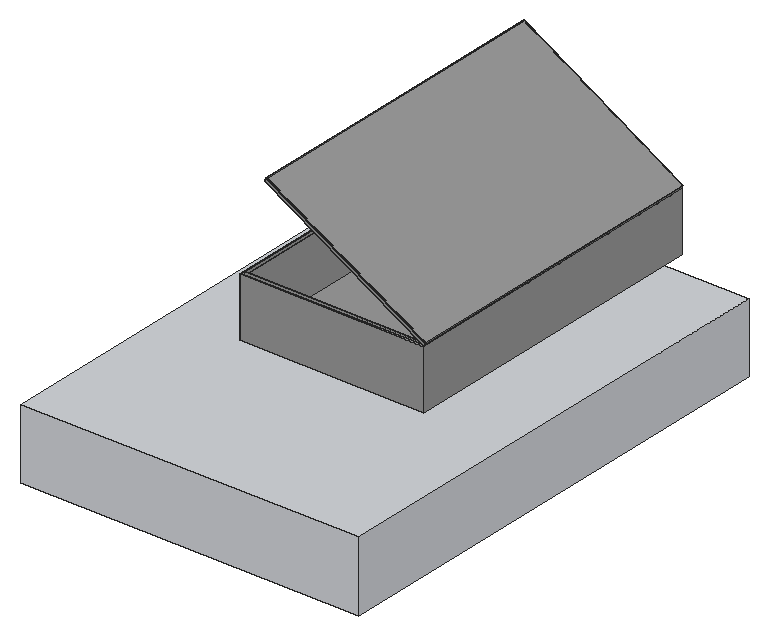
Revit family "Hager-Univers-IP55-D275-H1400-Cl.I-Steel_encl-CH-de", category Equipement électrique, Revit 2020
Family settings
  Hôte = Face
  Configuration du panneau = Deux colonnes, circuits au sein
  Cote de connecteur circulaire = Utiliser le diamètre
  Type d'élément = Tableau de raccordement
  Couper avec des vides une fois chargée = Non
  Partagée = Non
  Point de calcul de pièce = Non
Parameters (values of type "Aufputz IP55 B800 H1400 T275  - FR93E")
  Width Control [instance] = if([EF000008 - Breite] > Min Width, [EF000008 - Breite], Min Width)  # 800 mm
  Commentaires du type = [HG000003 - Bereich]  # "Univers"
  Thickness Door [instance] = if([EF009171 - Materialstärke Tür/Deckel] > 3 mm, 3 mm, [EF009171 - Materialstärke Tür/Deckel])  # 1.5 mm
  Seal Frame Offset [instance] = 17 mm  # constant formula
  Plinth Visibility [instance] = [HG000027 - Sockelhöhe] > 0 mm  # no
  Model = ""
  Min Width [instance] = 100 mm  # constant formula
  Min Height [instance] = 100 mm  # constant formula
  Min Depth [instance] = (2 * [EF009170 - Materialstärke Gehäuse]) + 1 mm  # 4 mm
  Internal Frame Depth [instance] = (Door System Depth * 0.5)  # 9 mm
  Height Control [instance] = if([EF000040 - Höhe] > Min Height, [EF000040 - Höhe], Min Height)  # 1400 mm
  HG000027 - Sockelhöhe = 0 mm
  HG000026 - Stehend auf dem Boden = no
  HG000024 - Höhe des unteren Teils = 800 mm
  HG000023 - Gehäuse mit doppeltem Querschnitt = no
  HG000016 - 3D-Türsichtbarkeit [instance] = yes
  HG000015 - Sichtbarkeit der Türöffnung [instance] = no
  HG000014 - Tür rechts [instance] = yes
  HG000013 - Tür links [instance] = not([HG000014 - Tür rechts])  # no
  HG000012 - Türschwenkwinkel [instance] = 30.00°
  HG000010 - Asymmetrische Türen = no
  HG000009 - Doppelflügeligen Tür = no
  HG000006 - Unterputz = no
  HG000004 - Herstellerreferenz = "FR93E"
  HG000003 - Bereich = "Univers"
  HG000002 - Mit tür = yes
  Frame Offset Bottom [instance] = 10 mm  # constant formula
  Frame Offset [instance] = 15 mm  # constant formula
  EF015940 - Deckel mit Überdruckentlastung = no
  EF011959 - Schutzart (NEMA) = ""
  EF009554 - Anzahl der Öffnungen für Flanschplatten = 6
  Fabricant = "Hager"  # constant formula
  EF009212 - Ausführung Deckel = "EV000116 - geschlossen"
  EF009171 - Materialstärke Tür/Deckel = 1.5 mm
  EF009170 - Materialstärke Gehäuse = 1.5 mm
  EF008873 - Nennstrom (In) = 800 A
  EF007800 - Geeignet für Blitzschutz = no
  EF006306 - Mit Schloss = no
  EF006244 - Transparenter Deckel/Tür = no
  EF005474 - Schutzart (IP) = "EV006420 - IP55"
  EF004464 - Art der Tür = "EV002646 - Einzel"
  EF004427 - Anzahl der Module = 324
  EF004293 - Schlagfestigkeit = "EV008784 - IK10"
  EF003532 - Geeignet für Außengebrauch = no
  EF002950 - Breite in Teilungseinheiten = 24
  EF001613 - Funktionserhalt = "EV000494 - ohne"
  EF001596 - Werkstoff des Gehäuses = "EV000179 - Stahl"
  EF001131 - Innentiefe = 275 mm
  EF001088 - Anbaumöglichkeit = yes
  EF000437 - Anzahl der Leitungseinführungen = 6
  EF000339 - Art der Abdeckung = "EV004216 - Tür"
  EF000266 - Anzahl der Reihen = 9
  EF000218 - Einbautiefe = 0 mm
  EF000118 - Mit Montageplatte = no
  EF000116 - RAL-Nummer = "7035"
  EF000049 - Tiefe = 275 mm
  EF000040 - Höhe = 1400 mm
  EF000008 - Breite = 800 mm
  EF000007 - Farbe = "EV000270 - grau"
  EF000003 - Montageart = "EV000384 - Aufputz"
  Door System Leaf Tolerance [instance] = 1.5 mm  # constant formula
  Door System Depth [instance] = 18 mm  # constant formula
  Door Height [instance] = Height Control - [HG000027 - Sockelhöhe]  # 1400 mm
  Depth Control [instance] = if([EF000049 - Tiefe] > Min Depth, [EF000049 - Tiefe], Min Depth)  # 275 mm
  Default Elevation = 0 mm
  Connector Offset [instance] = Height Control / 2  # 700 mm
  Bottom Top Plate Trim [instance] = 1.5 mm  # constant formula
  Plinth height Ctrl [instance] = if([HG000027 - Sockelhöhe] > 0 mm, [HG000027 - Sockelhöhe], 12 mm)  # 12 mm
Types (5, lengths in mm): name | Width Control | HG000010 - Asymmetrische Türen | HG000009 - Doppelflügeligen Tür | HG000004 - Herstellerreferenz | EF009554 - Anzahl der Öffnungen für Flanschplatten | EF004464 - Art der Tür | EF004427 - Anzahl der Module | EF000437 - Anzahl der Leitungseinführungen | EF000008 - Breite
  Aufputz IP55 B1050 H1400 T275  - FR94E | 1050 | no | yes | "FR94E" | 8 | "EV003602 - Doppel" | 432 | 8 | 1050
  Aufputz IP55 B1300 H1400 T275  - FR95E | 1300 | yes | yes | "FR95E" | 10 | "EV003602 - Doppel" | 540 | 10 | 1300
  Aufputz IP55 B300 H1400 T275  - FR91E | 300 | no | no | "FR91E" | 2 | "EV002646 - Einzel" | 108 | 2 | 300
  Aufputz IP55 B550 H1400 T275  - FR92E | 550 | no | no | "FR92E" | 4 | "EV002646 - Einzel" | 216 | 4 | 550
  Aufputz IP55 B800 H1400 T275  - FR93E | 800 | no | no | "FR93E" | 6 | "EV002646 - Einzel" | 324 | 6 | 800
Reference planes
  plane 1 "Center (Front/Back)": y = 0
  plane 2: z = 0
  plane 3 "Center (Left/Right)": x = 0
  plane 4: z = 275
  plane 5: y = 1.5
  plane 6: y = 700
  plane 7: y = 0
  plane 8: y = 1400
  plane 9: z = 0
  plane 10: x = -385
  plane 11: x = 385
  plane 12: x = 383.5
  plane 13: x = -383.5
  plane 14: y = 1398.5
  plane 15: x = -383
  plane 16: x = -400
  plane 17: x = 383
  plane 18: x = 400
  plane 19: x = 398.5
  plane 20: x = -398.5
  plane 21: y = 11.5
  plane 22: y = 1400
  plane 23: y = 1383.5
  plane 24: z = 257
  plane 25: z = 1.5
  plane 26: z = 255.5
  plane 27: z = 273.5
Forms (mm)
  Extrusion 1, solid
    sketch origin (0, 0, 0) x (1, 0, 0) y (0, 1, 0)
      loop
        line (-702.964, 1305) -> (-702.964, -811.445) -> (766.763, -811.445) -> (766.763, 1305) -> (-702.964, 1305)
    from 0 to -304.8
  Extrusion 2, solid, material "Hager_Steel_RAL7035_Light_Grey", visible <- "Plinth Visibility", detail levels medium+fine
    sketch origin (0, 0, 0) x (1, 0, 0) y (0, 1, 0)
      loop
        line (-400, 0) -> (400, 0) -> (400, 12) -> (-400, 12) -> (-400, 0)
    from 0 to 257
  Extrusion 3, solid, material "Hager_Steel_RAL7035_Light_Grey", detail levels medium+fine
    sketch origin (0, 0, 0) x (1, 0, 0) y (0, 1, 0)
      loop
        line (-400, 0) -> (400, 0) -> (400, 1400) -> (-400, 1400) -> (-400, 0)
    from 0 to 257
  Extrusion 4, void
    sketch origin (0, 0, 0) x (1, 0, 0) y (0, 1, 0)
      loop
        line (-398.5, 1.5) -> (398.5, 1.5) -> (398.5, 1398.5) -> (-398.5, 1398.5) -> (-398.5, 1.5)
    from 1.5 to 255.5
  Extrusion 5, void
    sketch origin (-381.607, -4572, 257) x (0, -1, 0) y (-1, 0, 0)
      loop
        line (-4583.5, 1.893) -> (-5955.5, 1.893) -> (-5955.5, -765.107) -> (-4583.5, -765.107) -> (-4583.5, 1.893)
    from 0 to 1.5 <- "EF009170 - Materialstärke Gehäuse"
  Extrusion 6, solid, material "Hager_Steel_RAL7035_Light_Grey", detail levels fine
    sketch origin (0, 0, 257) x (1, 0, 0) y (0, 1, 0)
      loop
        line (-383.5, 1383.5) -> (-383.5, 11.5) -> (383.5, 11.5) -> (383.5, 1383.5) -> (-383.5, 1383.5)
      loop
        line (-385, 10) -> (385, 10) -> (385, 1385) -> (-385, 1385) -> (-385, 10)
    from 0 to 9 <- "Internal Frame Depth"
  Extrusion 7, solid, material "Hager_Steel_RAL7035_Light_Grey", detail levels coarse
    sketch origin (0, 0, 0) x (1, 0, 0) y (0, 1, 0)
      loop
        line (-400, 0) -> (400, 0) -> (400, 1400) -> (-400, 1400) -> (-400, 0)
    from 0 to 275
  Sweep 8, void
    path in 3D
      loop
        line (-400, 12, 0) -> (400, 12, 0) -> (400, 12, 257) -> (-400, 12, 257) -> (-400, 12, 0)
    profile origin (-400, 12, 128.5) x (-1, 0, 0) y (0, -1, 0)
      loop
        line (0, 0) -> (0, 1.5) -> (-1.5, 1.5)
        arc (-1.5, 1.5) -> (-1.061, 0.439) -> (0, 0) r 1.5
Cuts and joins
  Extrusion 4, Extrusion 5 cuts Extrusion 3
  Sweep 8 cuts Extrusion 2
Lines and regions (mm)
  Masking region 1
    outline origin (0, 0, 0) x (1, 0, 0) y (0, 0, 1)
      loop
        line (-400, 275) -> (-400, 0) -> (400, 0) -> (400, 275) -> (-400, 275)
  Masking region 2, detail levels medium+fine
    outline origin (0, 140, 0) x (0, 1, 0) y (0, 0, 1)
      loop
        line (-140, 0) -> (1260, 0) -> (1260, 257) -> (-140, 257) -> (-140, 0)
  Masking region 3, not visible, detail levels medium+fine
    outline origin (0, 297.922, 0) x (0, 1, 0) y (0, 0, 1)
      loop
        line (413.578, 0) -> (453.578, 0) -> (453.578, 263.5)
        arc (453.578, 263.5) -> (450.649, 270.571) -> (443.578, 273.5) r 10
        line (443.578, 273.5) -> (413.578, 273.5) -> (413.578, 0)
  Masking region 4, detail levels coarse
    outline origin (0, 0, 180) x (0, 1, 0) y (0, 0, 1)
      loop
        line (0, -180) -> (1400, -180) -> (1400, 95) -> (0, 95) -> (0, -180)
  Masking region 5, visible <- "Plinth Visibility", detail levels medium+fine
    outline origin (0, 52.24, 12.345) x (0, 0, -1) y (0, 1, 0)
      loop
        line (10.845, -40.24) -> (-243.155, -40.24)
        arc (-243.155, -40.24) -> (-243.594, -41.301) -> (-244.655, -41.74) r 1.5
        line (-244.655, -41.74) -> (-244.655, -52.24) -> (12.345, -52.24) -> (12.345, -41.74)
        arc (12.345, -41.74) -> (11.285, -41.301) -> (10.845, -40.24) r 1.5
  Masking region 6, detail levels medium+fine
    outline origin (-381.607, -4572, 257) x (-1, 0, 0) y (0, -1, 0)
      loop
        line (18.393, -5972) -> (18.393, -4572) -> (-781.607, -4572) -> (-781.607, -5972) -> (18.393, -5972)
  Masking region 7, visible <- "Plinth Visibility", detail levels medium+fine
    outline origin (-381.607, -4727, 257) x (-1, 0, 0) y (0, -1, 0)
      loop
        arc (16.893, -4739) -> (17.332, -4737.939) -> (18.393, -4737.5) r 1.5
        line (18.393, -4737.5) -> (18.393, -4727) -> (-781.607, -4727) -> (-781.607, -4737.5)
        arc (-781.607, -4737.5) -> (-780.546, -4737.939) -> (-780.107, -4739) r 1.5
        line (-780.107, -4739) -> (16.893, -4739)
  Masking region 8, detail levels coarse
    outline origin (-442.548, -4669.526, 257) x (-1, 0, 0) y (0, -1, 0)
      loop
        line (-42.548, -6069.526) -> (-42.548, -4669.526) -> (-842.548, -4669.526) -> (-842.548, -6069.526) -> (-42.548, -6069.526)
  sketch lines
    curve 1: line (-400, 12, 257) -> (-400, 12, 0)
    curve 2: line (400, 12, 257) -> (-400, 12, 257)
    curve 3: line (400, 12, 257) -> (400, 12, 0)
    curve 4: line (-400, 12, 0) -> (400, 12, 0)
Dimensions and locks
  "Depth Control": plane 4 to Extrusion 1
  "HG000027 - Sockelhöhe": plane 1 "Center (Front/Back)" to plane 7
  "EF009170 - Materialstärke Gehäuse": plane 5 to plane 7
  locked: connector elem to plane 3 "Center (Left/Right)"
  equal spacing: plane 8, plane 6, plane 7
  locked: connector elem to plane 6
  "EF009170 - Materialstärke Gehäuse": plane 8 to plane 14
  "EF009170 - Materialstärke Gehäuse": plane 10 to plane 13
  "EF009170 - Materialstärke Gehäuse": plane 12 to plane 11
  "Frame Offset": plane 20 to plane 13
  "Frame Offset": plane 12 to plane 19
  "EF009170 - Materialstärke Gehäuse": plane 16 to plane 20
  "EF009170 - Materialstärke Gehäuse": plane 19 to plane 18
  "Seal Frame Offset": plane 16 to plane 15
  "Seal Frame Offset": plane 17 to plane 18
  "Frame Offset Bottom": plane 21 to plane 5
  "Frame Offset": plane 14 to plane 23
  equal spacing: plane 16, plane 3 "Center (Left/Right)", plane 18
  "Width Control": plane 16 to plane 18
  "EF009170 - Materialstärke Gehäuse": plane 4 to plane 27
  "EF009170 - Materialstärke Gehäuse": plane 24 to plane 26
  "EF009170 - Materialstärke Gehäuse": plane 25 to level
  "Door System Depth": plane 4 to plane 24
  "Height Control": plane 1 "Center (Front/Back)" to Extrusion 7 sketch curve
  "Height Control": Masking region 4 sketch curve to plane 1 "Center (Front/Back)"
  "Height Control": plane 1 "Center (Front/Back)" to plane 22
  "Bottom Top Plate Trim": profile plane to Sweep 8 sketch curve
  "Bottom Top Plate Trim": Sweep 8 sketch curve to profile plane
  "Plinth height Ctrl": plane 1 "Center (Front/Back)" to Extrusion 2 sketch curve
  "Plinth height Ctrl": Masking region 5 sketch curve to plane 1 "Center (Front/Back)"
  "Plinth height Ctrl": plane 1 "Center (Front/Back)" to Masking region 7 sketch curve
  "Thickness Door": Extrusion 6 sketch curve to Extrusion 6 sketch curve  (x3)
  "Thickness Door": cut or joined group of Extrusion 3, Extrusion 4, Extrusion 5 to Extrusion 6 sketch curve
  radius of Masking region 3 sketch curve = 10 mm
  "Bottom Top Plate Trim": radius of Masking region 5 sketch curve  (x2)
  "Bottom Top Plate Trim": radius of Sweep 8 sketch curve
  "Bottom Top Plate Trim": radius of Masking region 7 sketch curve  (x2)
  aligned and locked: plane 2 to Extrusion 1
  aligned and locked: level to Extrusion 1
  aligned and locked: level to Masking region 1 sketch curve
  aligned and locked: Masking region 1 sketch curve to plane 18
  aligned and locked: Masking region 1 sketch curve to plane 16
  aligned and locked: plane 7 to Masking region 2 sketch curve
  aligned and locked: level to Masking region 3 sketch curve
  aligned and locked: Masking region 3 sketch curve to plane 27
  aligned and locked: level to Masking region 2 sketch curve
  aligned and locked: plane 1 "Center (Front/Back)" to Extrusion 2 sketch curve
  aligned and locked: Extrusion 3 sketch curve to plane 7
  aligned and locked: plane 16 to Extrusion 3 sketch curve
  aligned and locked: plane 18 to Extrusion 3 sketch curve
  aligned and locked: plane 20 to Extrusion 4 sketch curve
  aligned and locked: plane 19 to Extrusion 4 sketch curve
  aligned and locked: Extrusion 4 sketch curve to plane 5
  aligned and locked: Extrusion 4 to plane 25
  aligned and locked: plane 26 to Extrusion 4
  aligned and locked: plane 24 to Extrusion 3
  aligned and locked: Extrusion 5 sketch curve to plane 21
  aligned and locked: Extrusion 5 sketch curve to plane 13
  aligned and locked: Extrusion 5 sketch curve to plane 12
  aligned and locked: plane 18 to Extrusion 7 sketch curve
  aligned and locked: plane 1 "Center (Front/Back)" to Extrusion 7 sketch curve
  aligned and locked: plane 16 to Extrusion 7 sketch curve
  aligned and locked: plane 4 to Extrusion 7
  aligned and locked: Extrusion 7 to level
  aligned and locked: level to Masking region 4 sketch curve
  aligned and locked: Masking region 4 sketch curve to plane 1 "Center (Front/Back)"
  aligned and locked: Masking region 4 sketch curve to plane 4
  aligned and locked: nested 1 to level
  aligned and locked: nested 1 to plane 16
  aligned and locked: plane 8 to Extrusion 3 sketch curve
  aligned and locked: plane 23 to Extrusion 5 sketch curve
  aligned and locked: plane 14 to Extrusion 4 sketch curve
  aligned and locked: Masking region 2 sketch curve to plane 8
  aligned and locked: level to Masking region 5 sketch curve
  aligned and locked: plane 16 to Extrusion 2 sketch curve
  aligned and locked: plane 18 to Extrusion 2 sketch curve
  aligned and locked: Masking region 5 sketch curve to plane 24
  aligned and locked: Masking region 2 sketch curve to plane 24
  aligned and locked: plane 24 to Extrusion 2
  aligned and locked: profile plane to Sweep 8 sketch curve  (x2)
  aligned and locked: Masking region 6 sketch curve to plane 18
  aligned and locked: Masking region 6 sketch curve to plane 22
  aligned and locked: Masking region 6 sketch curve to plane 16
  aligned and locked: plane 8 to plane 22
  aligned and locked: Masking region 6 sketch curve to plane 7
  aligned and locked: Masking region 7 sketch curve to plane 16
  aligned and locked: Masking region 7 sketch curve to plane 1 "Center (Front/Back)"
  aligned and locked: Masking region 7 sketch curve to plane 18
  aligned and locked: Masking region 8 sketch curve to plane 1 "Center (Front/Back)"
  aligned and locked: Masking region 8 sketch curve to plane 18
  aligned and locked: Masking region 8 sketch curve to plane 22
  aligned and locked: Masking region 8 sketch curve to plane 16
  aligned and locked: nested 2 to plane 7
  aligned and locked: plane 3 "Center (Left/Right)" to nested 2
  aligned and locked: nested 2 to plane 24
  aligned and locked: Extrusion 6 sketch curve to cut or joined group of Extrusion 3, Extrusion 4, Extrusion 5  (x4)
Automatic sketch dimensions
  Extrusion 1 sketch curve to Extrusion 1 sketch curve = 1469.727 mm
  Extrusion 1 sketch curve to Extrusion 1 sketch curve = 2116.445 mm
  Masking region 1 sketch curve to plane 4 = 0 mm
  plane 6 to Masking region 3 sketch curve = 11.5 mm
  Masking region 3 sketch curve to Masking region 3 sketch curve = 30 mm
  Masking region 5 sketch curve to plane 1 "Center (Front/Back)" = 0 mm
Nested families
  nested 1: "Hager_Enclosure_Symbol" at (-400, 0, 0) x (1, 0, 0) z (0, -1, 0), Height <- "Depth Control", Width <- "Width Control", type "Hager_Enclosure_Symbol"
    with Width_Ctrl 800 mm, Width 800 mm, Height_Ctrl 275 mm, Height 275 mm, A_Width_Int 18.047 mm, A_Width 216.562 mm, A_Height_Ctrl 240.625 mm, A_Height 240.625 mm
  nested 2: "EC000058_Univers_Door" at (0, 0, 257) x (1, 0, 0) z (0, 1, 0), Leaf_Tolerance <- "Door System Leaf Tolerance", Angle <- "HG000012 - Türschwenkwinkel", Door_Depth <- "Door System Depth", Door_Left <- "HG000013 - Tür links", Transparent <- "EF006244 - Transparenter Deckel/Tür", Assymetrical <- "HG000010 - Asymmetrische Türen", Width <- "Width Control", Clearance <- "HG000015 - Sichtbarkeit der Türöffnung", Double <- "HG000009 - Doppelflügeligen Tür", 3d_Door <- "HG000016 - 3D-Türsichtbarkeit", Lock_Visibility <- "EF006306 - Mit Schloss", Width_Ctrl <- "Width Control", Door_Right <- "HG000014 - Tür rechts", Door <- "HG000002 - Mit tür", Height <- "Door Height", Thickness <- "Thickness Door", type "EC000058_Univers_Door", detail levels medium+fine
    with min_wh 4 mm, Width_Ctrl 800 mm, Width 800 mm, Transparent no, Thickness 1.5 mm, Seal_Material Hager_Rubber, Lock_Visibility no, Lock_Material Hager_Plastic_RAL9005_Jet_Black, Leaf_Width 800 mm, Leaf_Tolerance_External_Sides 0 mm, Leaf_Tolerance 1.5 mm, Leaf_Offset 0 mm, Leaf_Height 1397 mm, Leaf_2_Width 800 mm, Leaf_2_Offset 400 mm, Leaf_1_Width 800 mm, Leaf_1_Offset 400 mm, Height_Ctrl 1400 mm, Height 1400 mm, Glass_Material Hager_Glass, Double_Clearance_Ctrl no, Double no, Door_Right_Ctrl yes, Door_Right yes, Door_Material Hager_Steel_RAL7035_Light_Grey, Door_Left_Ctrl no, Door_Left no, Door_Depth 18 mm, Door yes, Clearance_Material Hager_Clearance, Clearance_Depth 800 mm, Clearance_Ctrl no, Clearance no, Assymetrical no, Angle 30.00°, 3d_Door yes
Connectors
  electrical at (0, 700, 0)
    settings: on plane 9, index 1, voltage 0 V, apparent load 0 VA, apparent load phase1 0 VA, apparent load phase2 0 VA, apparent load phase3 0 VA, power factor 1, load classification "Other", number of poles 1, system type 30, power factor state 1, is connector primary yes, connector utility no, sub classification motor no, connector description ""
Definition of nested family "EC000058_Univers_Door"
  Parameters (values of type "EC000058_Univers_Door")
    min_wh [instance] = (2 * Thickness) + 1 mm  # 11 mm
    Width_Ctrl [instance] = 400 mm
    Width [instance] = 500 mm
    Transparent [instance] = yes
    Thickness [instance] = 5 mm
    Seal_Material [instance] = none
    Lock_Visibility [instance] = yes
    Lock_Material [instance] = none
    Leaf_Width [instance] = if((Width_Ctrl - 2 * Leaf_Tolerance_External_Sides) > 0 mm, (Width_Ctrl - 2 * Leaf_Tolerance_External_Sides), min_wh)  # 400 mm
    Leaf_Tolerance_External_Sides [instance] = 0 mm  # constant formula
    Leaf_Tolerance [instance] = 1.5 mm
    Leaf_Offset [instance] = 0 mm  # constant formula
    Leaf_Height [instance] = if((Height_Ctrl - 2 * Leaf_Tolerance) > 0 mm, (Height_Ctrl - 2 * Leaf_Tolerance), min_wh)  # 497 mm
    Leaf_2_Width [instance] = if(and(and(Double, Assymetrical), Door_Left), (Leaf_Width / 3) - (Leaf_Tolerance / 2), if(and(and(Double, Assymetrical), Door_Right), (Leaf_Width / 3) * 2 - (Leaf_Tolerance / 2), if(and(Double, not(Assymetrical)), (Leaf_Width / 2) - Leaf_Tolerance, Leaf_Width)))  # 400 mm
    Leaf_2_Offset [instance] = if(and(Double, Assymetrical), Leaf_2_Width / 2, if(and(Double, not(Assymetrical)), Leaf_Width / 4, Leaf_Width / 2))  # 200 mm
    Leaf_1_Width [instance] = if(and(and(Double, Assymetrical), Door_Right), (Leaf_Width / 3) - (Leaf_Tolerance / 2), if(and(and(Double, Assymetrical), Door_Left), (Width / 3) * 2 - (Leaf_Tolerance / 2), if(and(Double, not(Assymetrical)), (Leaf_Width / 2) - Leaf_Tolerance, Leaf_Width)))  # 400 mm
    Leaf_1_Offset [instance] = if(and(Double, Assymetrical), Leaf_1_Width / 2, if(and(Double, not(Assymetrical)), Leaf_Width / 4, Leaf_Width / 2))  # 200 mm
    Height_Ctrl [instance] = if(Height > min_wh, Height, min_wh)  # 500 mm
    Height [instance] = 500 mm
    Glass_Material [instance] = none
    Double_Clearance_Ctrl [instance] = and(Double, Clearance)  # no
    Double [instance] = no
    Door_Right_Ctrl [instance] = and(or(Door_Right, Double), Door)  # yes
    Door_Right [instance] = yes
    Door_Material [instance] = none
    Door_Left_Ctrl [instance] = and(or(Door_Left, Double), Door)  # no
    Door_Left [instance] = no
    Door_Depth [instance] = 30 mm
    Door [instance] = yes
    Default Elevation = 1219.2 mm
    Clearance_Material [instance] = none
    Clearance_Depth [instance] = if(Leaf_1_Width > Leaf_2_Width, Leaf_1_Width, Leaf_2_Width)  # 400 mm
    Clearance_Ctrl [instance] = and(not(Double), Clearance)  # yes
    Clearance [instance] = yes
    Assymetrical [instance] = yes
    Angle [instance] = 30.00°
    3d_Door [instance] = yes
  Reference planes
    plane 1 "Center (Front/Back)": y = 0
    plane 2 "Bottom": z = 0
    plane 3 "Center (Left/Right)": x = 0
    plane 4: z = 500
    plane 5: x = -200
    plane 6: x = 200
    plane 7: z = 500
    plane 8: x = -200
    plane 9: z = 0
    plane 10: x = 200
    plane 11: y = 0
    plane 12: z = 1.5
    plane 13: x = -600
    plane 14: y = -400
    plane 15: x = 600
    plane 16: x = 0
    plane 17: x = 0
    plane 18: x = -200
    plane 19: x = 200
    plane 20: z = 498.5
  Forms (mm)
    Extrusion 1, solid, material <- "Clearance_Material", visible <- "Double_Clearance_Ctrl"
      sketch origin (1200, 0, 0) x (1, 0, 0) y (0, 0, -1)
        loop
          line (-1800, -498.5) -> (-600, -498.5) -> (-600, 0) -> (-1800, 0) -> (-1800, -498.5)
      from 0 to -400
  Dimensions and locks
    equal spacing: plane 5, plane 3 "Center (Left/Right)", plane 6
    "Width_Ctrl": plane 5 to plane 6
    "Leaf_Offset": plane 5 to plane 8
    "Leaf_Offset": plane 6 to plane 10
    "Leaf_Offset": plane 9 to level
    "Leaf_Offset": plane 4 to plane 7
    "Height_Ctrl": plane 4 to level
    "Leaf_Tolerance": plane 12 to plane 9
    locked: plane 11 to plane 1 "Center (Front/Back)"
    "Leaf_1_Offset": plane 18 to plane 16
    "Leaf_2_Offset": plane 17 to plane 19
    "Leaf_1_Width": plane 13 to plane 8
    "Leaf_2_Width": plane 10 to plane 15
    "Clearance_Depth": plane 14 to plane 1 "Center (Front/Back)"
    "Leaf_Tolerance_External_Sides": plane 8 to plane 18
    "Leaf_Tolerance_External_Sides": plane 19 to plane 10
    "Leaf_Tolerance": plane 7 to plane 20
    aligned and locked: level to plane 2 "Bottom"
    aligned and locked: nested 1 to plane 16
    aligned and locked: nested 2 to plane 17
    aligned and locked: Extrusion 1 to plane 13
    aligned and locked: plane 15 to Extrusion 1
    aligned and locked: Extrusion 1 to plane 14
    aligned and locked: plane 12 to nested 1
    aligned and locked: nested 2 to plane 12
    aligned and locked: Extrusion 1 to plane 11
    aligned and locked: plane 20 to Extrusion 1
    aligned and locked: nested 2 to plane 11
    aligned and locked: nested 1 to plane 11
  Automatic sketch dimensions
    Extrusion 1 sketch curve to level = 0 mm
    plane 5 to Extrusion 1 sketch curve = 400 mm
    plane 6 to Extrusion 1 sketch curve = 400 mm
    Extrusion 1 sketch curve to plane 4 = 1.5 mm
  Nested families
    nested 1: "EC000058_Univers_Door_Leaf" at (0, 0, 1.5), Width <- "Leaf_1_Width", visible <- "Door_Left_Ctrl", Leaf_Height <- "Leaf_Height", Angle <- "Angle", 3d_Door <- "3d_Door", Transparent <- "Transparent", Clearance Material <- "Clearance_Material", Clearance <- "Clearance_Ctrl", Door_Material <- "Door_Material", Glass_Material <- "Glass_Material", Door_Depth <- "Door_Depth", Lock_Material <- "Lock_Material", Seal_Material <- "Seal_Material", Lock_Visibility <- "Lock_Visibility", Thickness <- "Thickness", type "EC000058_Univers_Door_Leaf"
      with Width 400 mm, Transparent_Glass_Offset 30 mm, Transparent_Ctrl yes, Transparent yes, Thickness 5 mm, Standard no, Seal_Material none, Seal_D2 8 mm, Seal_D1 1 mm, Offset_Internal_Frame 10 mm, Lock_Width 20 mm, Lock_Visibility_3d yes, Lock_Visibility yes, Lock_Thickness_3 3 mm, Lock_Thickness_2 1 mm, Lock_Thickness_1 3 mm, Lock_Radius_Offset_2 16 mm, Lock_Radius_Offset_1 15 mm, Lock_Radius_2 5 mm, Lock_Radius 6 mm, Lock_Offset 5 mm, Lock_Material none, Lock_Height 80 mm, Lock_Cover_Top_Offset_2d 17 mm, Lock_Cover_Height -65 mm, Leaf_Height 497 mm, Internal_Seal_Thickness 8 mm, Internal_Seal_Depth_2 4.5 mm, Internal_Frame_Depth 25 mm, Glass_Thickness -1 mm, Glass_Offset -2 mm, Glass_Material none, Door_Material none, Door_Depth 30 mm, Clearance Material none, Clearance yes, Angle_Ctrl 30.00°, Angle 30.00°, 3d_Door yes
    nested 2: "EC000058_Univers_Door_Leaf" at (0, 0, 1.5) x (-1, 0, 0) z (0, 0, 1), Width <- "Leaf_2_Width", visible <- "Door_Right_Ctrl", Leaf_Height <- "Leaf_Height", Angle <- "Angle", 3d_Door <- "3d_Door", Transparent <- "Transparent", Clearance Material <- "Clearance_Material", Clearance <- "Clearance_Ctrl", Door_Material <- "Door_Material", Glass_Material <- "Glass_Material", Door_Depth <- "Door_Depth", Lock_Material <- "Lock_Material", Seal_Material <- "Seal_Material", Lock_Visibility <- "Lock_Visibility", Thickness <- "Thickness", type "EC000058_Univers_Door_Leaf"
      with Width 400 mm, Transparent_Glass_Offset 30 mm, Transparent_Ctrl yes, Transparent yes, Thickness 5 mm, Standard no, Seal_Material none, Seal_D2 8 mm, Seal_D1 1 mm, Offset_Internal_Frame 10 mm, Lock_Width 20 mm, Lock_Visibility_3d yes, Lock_Visibility yes, Lock_Thickness_3 3 mm, Lock_Thickness_2 1 mm, Lock_Thickness_1 3 mm, Lock_Radius_Offset_2 16 mm, Lock_Radius_Offset_1 15 mm, Lock_Radius_2 5 mm, Lock_Radius 6 mm, Lock_Offset 5 mm, Lock_Material none, Lock_Height 80 mm, Lock_Cover_Top_Offset_2d 17 mm, Lock_Cover_Height -65 mm, Leaf_Height 497 mm, Internal_Seal_Thickness 8 mm, Internal_Seal_Depth_2 4.5 mm, Internal_Frame_Depth 25 mm, Glass_Thickness -1 mm, Glass_Offset -2 mm, Glass_Material none, Door_Material none, Door_Depth 30 mm, Clearance Material none, Clearance yes, Angle_Ctrl 30.00°, Angle 30.00°, 3d_Door yes
  Definition of nested family "EC000058_Univers_Door_Leaf"
    Parameters (values of type "EC000058_Univers_Door_Leaf")
      Width [instance] = 2000 mm
      Transparent_Glass_Offset [instance] = 30 mm
      Transparent_Ctrl [instance] = and(Transparent, [3d_Door])  # yes
      Transparent [instance] = yes
      Thickness [instance] = 5 mm
      Standard [instance] = and(not(Transparent), [3d_Door])  # no
      Seal_Material [instance] = none
      Seal_D2 [instance] = 8 mm  # constant formula
      Seal_D1 [instance] = 1 mm  # constant formula
      Offset_Internal_Frame [instance] = 10 mm  # constant formula
      Lock_Width [instance] = 20 mm  # constant formula
      Lock_Visibility_3d [instance] = and(Lock_Visibility, [3d_Door])  # yes
      Lock_Visibility [instance] = yes
      Lock_Thickness_3 [instance] = 3 mm  # constant formula
      Lock_Thickness_2 [instance] = 1 mm  # constant formula
      Lock_Thickness_1 [instance] = 3 mm  # constant formula
      Lock_Radius_Offset_2 [instance] = Lock_Radius_Offset_1 + 1 mm  # 16 mm
      Lock_Radius_Offset_1 [instance] = 15 mm  # constant formula
      Lock_Radius_2 [instance] = Lock_Radius - 1 mm  # 5 mm
      Lock_Radius [instance] = 6 mm  # constant formula
      Lock_Offset [instance] = 5 mm  # constant formula
      Lock_Material [instance] = none
      Lock_Height [instance] = 80 mm  # constant formula
      Lock_Cover_Top_Offset_2d [instance] = Lock_Radius_Offset_2 + 1 mm  # 17 mm
      Lock_Cover_Height [instance] = -(Lock_Height - Lock_Radius_Offset_1)  # -65 mm
      Leaf_Height [instance] = 2720.336 mm
      Internal_Seal_Thickness [instance] = 8 mm  # constant formula
      Internal_Seal_Depth_2 [instance] = 4.5 mm  # constant formula
      Internal_Frame_Depth [instance] = if(Door_Depth - Thickness > 5 mm, Door_Depth - Thickness, 5 mm)  # 25 mm
      Glass_Thickness [instance] = if(Thickness > 15 mm, Glass_Offset + 10 mm, -1 mm)  # -1 mm
      Glass_Offset [instance] = if(Thickness > 15 mm, -(Thickness + 10 mm) / 2, -2 mm)  # -2 mm
      Glass_Material [instance] = none
      Door_Material [instance] = none
      Door_Depth [instance] = 30 mm
      Default Elevation = 0 mm
      Clearance Material [instance] = none
      Clearance [instance] = yes
      Angle_Ctrl [instance] = if(Angle > 180.00°, 180.00°, Angle)  # 90.00°
      Angle [instance] = 90.00°
      3d_Door [instance] = yes
    Reference planes
      plane 1 "Center (Front/Back)": y = 0
      plane 2: z = 0
      plane 3 "Center (Left/Right)": x = 0
      plane 4: y = 2000
      plane 5: x = -1000
      plane 6: x = 1000
      plane 7: x = -3000
      plane 8: z = 2720.336
      plane 9: z = 30
      plane 10: z = 2690.336
      plane 11: x = 970
      plane 12: x = -970
      plane 13: y = -3
      plane 14: z = 107.833
      plane 15: y = -5
      plane 16: y = -223.314
      plane 17: x = -1000
      plane 18: z = 1360.168
      plane 19: y = 30
    Forms (mm)
      Extrusion 1, solid, material <- "Clearance Material", visible <- "Clearance"
        sketch origin (0, 0, 0) x (1, 0, 0) y (0, 0, 1)
          loop
            line (-3000, 2720.336) -> (-3000, 0) -> (1000, 0) -> (1000, 2720.336) -> (-3000, 2720.336)
        from 0 to -2000
      Extrusion 2, solid, material <- "Door_Material", visible <- "Standard", detail levels medium+fine
        sketch origin (-1000, 0, 0) x (0, 1, 0) y (-1, 0, 0)
          loop
            line (0, 30) -> (0, 25) -> (2000, 25) -> (2000, 30) -> (0, 30)
        from 0 to 2720.336 <- "Leaf_Height"
      Extrusion 3, solid, material <- "Door_Material", visible <- "Transparent_Ctrl", detail levels medium+fine
        sketch origin (-1000, 0, 0) x (0, 1, 0) y (-1, 0, 0)
          loop
            line (0, 25) -> (2000, 25) -> (2000, 30) -> (0, 30) -> (0, 25)
        from 0 to 2720.336 <- "Leaf_Height"
      Extrusion 4, void
        sketch origin (-1025, 2000, 0) x (0, 1, 0) y (0, 0, -1)
          loop
            line (-30, -2690.336) -> (-30, -30) -> (-1970, -30) -> (-1970, -2690.336) -> (-30, -2690.336)
        from 0 to 5 <- "Thickness"
      Sweep 5, solid, material <- "Seal_Material", visible <- "Transparent_Ctrl", detail levels fine
        path in 3D
          loop
            line (-1025, 30, 30) -> (-1025, 30, 2690.336) -> (-1025, 1970, 2690.336) -> (-1025, 1970, 30) -> (-1025, 30, 30)
        profile origin (-1025, 1000, 30) x (1, 0, 0) y (0, 0, 1)
          loop
            line (0, 0) -> (0, -8) -> (1, -8) -> (1, 0) -> (0, 0)
      Extrusion 6, solid, material <- "Glass_Material", visible <- "Transparent_Ctrl", detail levels medium+fine
        sketch origin (-1030, 0, 0) x (0, 1, 0) y (0, 0, -1)
          loop
            line (1970, -2690.336) -> (1970, -30) -> (30, -30) -> (30, -2690.336) -> (1970, -2690.336)
        from -2 <- "Glass_Offset" to -1 <- "Glass_Thickness"
      Extrusion 7, solid, material <- "Door_Material", visible <- "3d_Door", detail levels medium+fine
        sketch origin (-1025, 2000, 0) x (0, -1, 0) y (0, 0, -1)
          loop
            line (0, -2720.336) -> (2000, -2720.336) -> (2000, 0) -> (0, 0) -> (0, -2720.336)
          loop
            line (1995, -5) -> (5, -5) -> (5, -2715.336) -> (1995, -2715.336) -> (1995, -5)
        from 0 to 25 <- "Internal_Frame_Depth"
      Sweep 8, solid, material <- "Seal_Material", visible <- "Transparent_Ctrl", detail levels fine
        path in 3D
          loop
            line (-1025, 0, 0) -> (-1025, 2000, 0) -> (-1025, 2000, 2720.336) -> (-1025, 0, 2720.336) -> (-1025, 0, 0)
        profile origin (-1025, 0, 1360.168) x (1, 0, 0) y (0, 1, 0)
          loop
            line (0, 10) -> (2.975, 10)
            arc (2.975, 10) -> (4.053, 10.447) -> (4.5, 11.525) r 1.525
            line (4.5, 11.525) -> (4.5, 16.527)
            arc (4.5, 16.527) -> (4.069, 17.569) -> (3.027, 18) r 1.473
            line (3.027, 18) -> (0, 18) -> (0, 10)
      Extrusion 9, solid, material <- "Lock_Material", visible <- "Lock_Visibility_3d", detail levels fine
        sketch origin (-1030, 0, 0) x (0, 1, 0) y (0, 0, -1)
          loop
            arc (1993.5, -1400.168) -> (1994.561, -1399.729) -> (1995, -1398.668) r 1.5
            line (1995, -1398.668) -> (1995, -1320.168) -> (1975, -1320.168) -> (1975, -1398.668)
            arc (1975, -1398.668) -> (1975.439, -1399.729) -> (1976.5, -1400.168) r 1.5
            line (1976.5, -1400.168) -> (1993.5, -1400.168)
        from 3 <- "Lock_Thickness_1" to 0
      Blend 10, solid, material <- "Lock_Material", visible <- "Lock_Visibility_3d", detail levels fine
        base sketch origin (-1033, 0, 0) x (0, 1, 0) y (0, 0, -1)
          loop
            line (1975, -1320.168) -> (1975, -1398.668)
            arc (1975, -1398.668) -> (1975.439, -1399.729) -> (1976.5, -1400.168) r 1.5
            line (1976.5, -1400.168) -> (1993.5, -1400.168)
            arc (1993.5, -1400.168) -> (1994.561, -1399.729) -> (1995, -1398.668) r 1.5
            line (1995, -1398.668) -> (1995, -1320.168) -> (1975, -1320.168)
        top sketch origin (-1033, 0, 0) x (0, 1, 0) y (0, 0, -1)
          loop
            line (1976, -1320.168) -> (1976, -1398.668)
            arc (1976, -1398.668) -> (1976.146, -1399.022) -> (1976.5, -1399.168) r 0.5
            line (1976.5, -1399.168) -> (1993.5, -1399.168)
            arc (1993.5, -1399.168) -> (1993.854, -1399.022) -> (1994, -1398.668) r 0.5
            line (1994, -1398.668) -> (1994, -1320.168) -> (1976, -1320.168)
        from 0 to 1 <- "Lock_Thickness_2"
      Blend 11, solid, material <- "Lock_Material", visible <- "Lock_Visibility_3d", detail levels fine
        base sketch origin (-1034, 0, 0) x (0, 1, 0) y (0, 0, -1)
          loop
            line (1978, -1320.168) -> (1978, -1384.168)
            arc (1978, -1384.168) -> (1985, -1391.168) -> (1992, -1384.168) r 7
            line (1992, -1384.168) -> (1992, -1320.168) -> (1978, -1320.168)
        top sketch origin (-1034, 0, 0) x (0, 1, 0) y (0, 0, -1)
          loop
            line (1991, -1320.168) -> (1979, -1320.168) -> (1979, -1383.168)
            arc (1979, -1383.168) -> (1985, -1389.168) -> (1991, -1383.168) r 6
            line (1991, -1383.168) -> (1991, -1320.168)
        from 0 to 3 <- "Lock_Thickness_3"
      Extrusion 12, solid, material <- "Lock_Material", visible <- "Lock_Visibility_3d", detail levels fine
        sketch origin (-1030, 1975, 1320.168) x (1, 0, 0) y (0, -1, 0)
          loop
            line (-7, -19) -> (-7, -1) -> (0, -1) -> (0, 0) -> (-8, 0) -> (-8, -20) -> (0, -20) -> (0, -19) -> (-7, -19)
        from 0 to -65 <- "Lock_Cover_Height"
      Extrusion 13, void
        sketch origin (-1038, 1995, 1320.168) x (-1, 0, 0) y (0, 0, -1)
          loop
            line (-5, -65) -> (0, -65) -> (-5, -60) -> (-5, -65)
        from 0 to 20 <- "Lock_Width"
      Extrusion 14, void
        sketch origin (-1038, 1975, 1320.168) x (0, -1, 0) y (0, 0, -1)
          loop
            circle (-10, -15.995) r 6
          loop
            circle (-10, -15.995) r 5
        from 0 to 2
      Extrusion 15, solid, material <- "Lock_Material", visible <- "Lock_Visibility_3d", detail levels medium
        sketch origin (-1030, 0, 0) x (0, 1, 0) y (0, 0, -1)
          loop
            arc (1993.5, -1400.168) -> (1994.561, -1399.729) -> (1995, -1398.668) r 1.5
            line (1995, -1398.668) -> (1995, -1320.168) -> (1975, -1320.168) -> (1975, -1398.668)
            arc (1975, -1398.668) -> (1975.439, -1399.729) -> (1976.5, -1400.168) r 1.5
            line (1976.5, -1400.168) -> (1993.5, -1400.168)
        from 8 to 0
    Cuts and joins
      Extrusion 4 cuts Extrusion 3
      Extrusion 13, Extrusion 14 cuts Extrusion 9
      Extrusion 14 cuts Blend 11
      Extrusion 13, Extrusion 14 cuts Extrusion 12
      joined: Extrusion 9, Blend 10, Blend 11, Extrusion 12
      Extrusion 14 cuts Extrusion 15
    Lines and regions (mm)
      Masking region 1, visible <- "Lock_Visibility", detail levels fine
        outline origin (0, 0, 0) x (0, 1, 0) y (0, 0, 1)
          loop
            line (30, 1320.168) -> (33, 1320.168) -> (33, 1400.168) -> (30, 1400.168) -> (30, 1320.168)
      Masking region 2, visible <- "Lock_Visibility", detail levels fine
        outline origin (0, 3.143, 0) x (0, 1, 0) y (0, 0, 1)
          loop
            line (29.857, 1354.168) -> (30.857, 1354.168) -> (30.857, 1366.168) -> (29.857, 1366.168) -> (29.857, 1354.168)
      Masking region 3, detail levels medium+fine
        outline origin (0, 0, 0) x (0, 1, 0) y (0, 0, 1)
          loop
            line (0, 0) -> (30, 0) -> (30, 2720.336) -> (0, 2720.336) -> (0, 0)
      Masking region 4, detail levels medium+fine
        outline origin (0, 0, 0) x (1, 0, 0) y (0, 0, 1)
          loop
            line (-1000, 2720.336) -> (-1000, 0) -> (1000, 0) -> (1000, 2720.336) -> (-1000, 2720.336)
      Masking region 5, visible <- "Lock_Visibility", detail levels fine
        outline origin (-47.116, 0, 0) x (1, 0, 0) y (0, 0, 1)
          loop
            arc (1024.616, 1399.168) -> (1023.556, 1398.729) -> (1023.116, 1397.668) r 1.5
            line (1023.116, 1397.668) -> (1023.116, 1320.168) -> (1041.116, 1320.168) -> (1041.116, 1397.668)
            arc (1041.116, 1397.668) -> (1040.677, 1398.729) -> (1039.616, 1399.168) r 1.5
            line (1039.616, 1399.168) -> (1024.616, 1399.168)
      Masking region 6, visible <- "Lock_Visibility", detail levels medium+fine
        outline origin (-25, 0, 0) x (1, 0, 0) y (0, 0, 1)
          loop
            arc (1001.5, 1400.168) -> (1000.439, 1399.729) -> (1000, 1398.668) r 1.5
            line (1000, 1398.668) -> (1000, 1320.168) -> (1020, 1320.168) -> (1020, 1398.668)
            arc (1020, 1398.668) -> (1019.561, 1399.729) -> (1018.5, 1400.168) r 1.5
            line (1018.5, 1400.168) -> (1001.5, 1400.168)
      Masking region 7, visible <- "Lock_Visibility", detail levels fine
        outline origin (-73.735, 0, 0) x (1, 0, 0) y (0, 0, 1)
          loop
            line (1051.735, 1382.168) -> (1065.735, 1382.168) -> (1065.735, 1384.168)
            arc (1065.735, 1384.168) -> (1058.735, 1391.168) -> (1051.735, 1384.168) r 7
            line (1051.735, 1384.168) -> (1051.735, 1382.168)
      Masking region 8, visible <- "Lock_Visibility", detail levels fine
        outline origin (-73.735, 0, 0) x (1, 0, 0) y (0, 0, 1)
          loop
            line (1052.735, 1382.168) -> (1064.735, 1382.168) -> (1064.735, 1383.168)
            arc (1064.735, 1383.168) -> (1058.735, 1389.168) -> (1052.735, 1383.168) r 6
            line (1052.735, 1383.168) -> (1052.735, 1382.168)
      Masking region 9, visible <- "Lock_Visibility", detail levels fine
        outline origin (-25, 0, 0) x (1, 0, 0) y (0, 0, 1)
          loop
            line (1020, 1320.168) -> (1020, 1382.168) -> (1000, 1382.168) -> (1000, 1320.168) -> (1020, 1320.168)
      Masking region 10, detail levels medium+fine
        outline origin (0, 0, 0) x (1, 0, 0) y (0, 0, 1)
          loop
            circle (985, 1335.144) r 6
      Masking region 11, detail levels fine
        outline origin (0, 0, 0) x (1, 0, 0) y (0, 0, 1)
          loop
            circle (985, 1335.144) r 5
      Masking region 12, visible <- "Lock_Visibility", detail levels fine
        outline origin (0, 12.767, 0) x (0, 1, 0) y (0, 0, 1)
          loop
            line (20.233, 1320.168) -> (21.233, 1320.168) -> (21.233, 1399.168) -> (20.233, 1400.168) -> (20.233, 1320.168)
      Masking region 13, visible <- "Lock_Visibility", detail levels fine
        outline origin (0, 13.767, -10) x (0, 1, 0) y (0, 0, 1)
          loop
            line (20.233, 1330.168) -> (23.233, 1330.168) -> (23.233, 1399.168) -> (20.233, 1402.168) -> (20.233, 1330.168)
      Masking region 14, visible <- "Lock_Visibility", detail levels fine
        outline origin (0, 12.767, -10) x (0, 1, 0) y (0, 0, 1)
          loop
            line (20.233, 1330.168) -> (25.233, 1330.168) -> (25.233, 1399.305) -> (20.233, 1394.305) -> (20.233, 1330.168)
      Masking region 15, visible <- "Lock_Visibility", detail levels medium
        outline origin (0, 0, 0) x (0, 1, 0) y (0, 0, 1)
          loop
            line (30, 1320.168) -> (38, 1320.168) -> (38, 1400.168) -> (30, 1400.168) -> (30, 1320.168)
      Masking region 16, visible <- "Lock_Visibility", detail levels fine
        outline origin (-1000, 0, 0) x (0, 1, 0) y (-1, 0, 0)
          loop
            line (1975, 30) -> (1995, 30) -> (1995, 38) -> (1975, 38) -> (1975, 30)
          loop
            line (1979, 37) -> (1976, 37) -> (1976, 34) -> (1978, 34) -> (1979, 37)
          loop
            line (1994, 37) -> (1991, 37) -> (1992, 34) -> (1994, 34) -> (1994, 37)
      Masking region 17, visible <- "Lock_Visibility", detail levels medium
        outline origin (-1000, 0, 0) x (0, 1, 0) y (-1, 0, 0)
          loop
            line (1975, 30) -> (1995, 30) -> (1995, 38) -> (1975, 38) -> (1975, 30)
      symbolic lines
        curve 1: line (1000, 0, 0) -> (-3000, 0, 0)
        curve 2: arc (1000, 0, 0) -> (-1000, 2000, 0) -> (-3000, 0, 0) r 2000
        curve 4: line (-1030, 0, 0) -> (-1030, 2000, 0)
      reference lines
        curve 3: line (-1000, 0, 0) -> (-1000, 2000, 0)
      symbolic lines, detail levels medium+fine
        curve 5: line (-1030, 2000, 0) -> (-1025, 2000, 0)
        curve 7: line (-1025, 0, 0) -> (-1030, 0, 0)
        curve 8: line (-1025, 0, 0) -> (-1000, 0, 0)
        curve 9: line (-1000, 0, 0) -> (-1000, 2000, 0)
        curve 10: line (-1000, 2000, 0) -> (-1025, 2000, 0)
      symbolic lines, detail levels fine
        curve 6: line (-1025, 2000, 0) -> (-1025, 0, 0)
      sketch lines
        curve 11: line (-1025, 0, 2720.336) -> (-1025, 0, 0)
        curve 12: line (-1025, 2000, 0) -> (-1025, 0, 0)
        curve 13: line (-1025, 2000, 2720.336) -> (-1025, 2000, 0)
        curve 14: line (-1025, 0, 2720.336) -> (-1025, 2000, 2720.336)
        curve 15: line (-1025, 1970, 30) -> (-1025, 30, 30)
        curve 16: line (-1025, 30, 30) -> (-1025, 30, 2690.336)
        curve 17: line (-1025, 1970, 2690.336) -> (-1025, 1970, 30)
        curve 18: line (-1025, 30, 2690.336) -> (-1025, 1970, 2690.336)
      symbolic lines, visible <- "Transparent", detail levels medium+fine
        curve 19: line (-970, 0, 2690.336) -> (970, 0, 2690.336)
        curve 20: line (-970, 0, 30) -> (-970, 0, 2690.336)
        curve 21: line (970, 0, 30) -> (-970, 0, 30)
        curve 22: line (970, 0, 2690.336) -> (970, 0, 30)
    Dimensions and locks
      "Width": plane 1 "Center (Front/Back)" to plane 4
      equal spacing: plane 5, plane 3 "Center (Left/Right)", plane 6
      "Width": plane 5 to plane 6
      "Width": plane 7 to plane 5
      "Leaf_Height": plane 8 to level
      "Width": curve 5 to curve 3
      "Width": curve 3 to curve 3
      plane 8 to plane 10 = 30 mm
      plane 9 to level = 30 mm
      plane 12 to plane 5 = 30 mm
      plane 6 to plane 11 = 30 mm
      Extrusion 1 to Extrusion 4 sketch curve = 30 mm
      "Transparent_Glass_Offset": curve 3 to Extrusion 4 sketch curve
      "Transparent_Glass_Offset": Extrusion 4 sketch curve to cut or joined group of Extrusion 3, Extrusion 4  (x2)
      cut or joined group of Extrusion 3, Extrusion 4 to Extrusion 6 sketch curve = 30 mm
      "Transparent_Glass_Offset": cut or joined group of Extrusion 3, Extrusion 4 to Extrusion 4 sketch curve
      "Thickness": curve 6 to curve 4
      "Thickness": Extrusion 7 sketch curve to Extrusion 7 sketch curve  (x4)
      "Door_Depth": curve 4 to curve 3
      "Offset_Internal_Frame": profile plane to Sweep 8 sketch curve
      "Internal_Seal_Thickness": Sweep 8 sketch curve to Sweep 8 sketch curve
      "Internal_Seal_Depth_2": profile plane to Sweep 8 sketch curve
      "Seal_D1": profile plane to Sweep 5 sketch curve
      "Seal_D2": profile plane to Sweep 5 sketch curve
      "Thickness": Extrusion 2 sketch curve to Extrusion 2 sketch curve
      equal spacing: Extrusion 9 sketch curve, plane 18, Extrusion 9 sketch curve  (x2)
      equal spacing: Masking region 1 sketch curve, plane 18, Masking region 1 sketch curve
      "Lock_Height": Masking region 1 sketch curve to Masking region 1 sketch curve
      "Lock_Radius": Masking region 2 sketch curve to plane 18 to Masking region 2 sketch curve
      Masking region 2 sketch curve to Masking region 1 = 1 mm
      "Door_Depth": plane 19 to plane 1 "Center (Front/Back)"
      "Lock_Thickness_1": Masking region 1 sketch curve to plane 19
      "Lock_Width": Extrusion 9 sketch curve to Extrusion 9 sketch curve
      "Lock_Height": Extrusion 9 sketch curve to Extrusion 9 sketch curve
      "Lock_Offset": cut or joined group of Extrusion 3, Extrusion 4 to Extrusion 9 sketch curve
      equal spacing: plane 8, plane 18, level
      "Lock_Radius_Offset_1": Blend 11 sketch curve to Blend 10
      locked: Blend 10 to Blend 11 sketch curve at 2  (x2)
      locked: var sketch to Blend 11 sketch curve at 1  (x2)
      "Lock_Radius_Offset_2": Blend 11 sketch curve to Blend 10
      locked: Extrusion 12 sketch curve to Extrusion 12 sketch curve at 1  (x3)
      Masking region 6 sketch curve to Masking region 6 sketch curve = 80 mm
      "Lock_Height": Masking region 6 sketch curve to Masking region 6 sketch curve
      "Lock_Width": Masking region 6 sketch curve to Masking region 6 sketch curve
      locked: Masking region 6 to Masking region 5 sketch curve at 1  (x3)
      locked: Masking region 5 to Masking region 7 sketch curve at 2  (x2)
      "Lock_Radius_Offset_1": Masking region 5 to Masking region 7 sketch curve
      "Lock_Radius_Offset_2": Masking region 5 to Masking region 8 sketch curve
      locked: Masking region 7 to Masking region 8 sketch curve at 1  (x2)
      "Lock_Cover_Top_Offset_2d": Masking region 5 to Masking region 9 sketch curve
      equal spacing: Masking region 9, Masking region 10 sketch curve, Masking region 9
      equal spacing: Masking region 9, Masking region 11 sketch curve, Masking region 9
      Extrusion 15 sketch curve to Extrusion 15 sketch curve = 80 mm
      "Lock_Width": Extrusion 15 sketch curve to Extrusion 15 sketch curve
      "Lock_Height": Extrusion 15 sketch curve to Extrusion 15 sketch curve
      equal spacing: Extrusion 15 sketch curve, plane 18, Extrusion 15 sketch curve
      "Lock_Thickness_3": Masking region 13 sketch curve to Masking region 13 sketch curve
      "Lock_Height": Masking region 12 sketch curve to Masking region 12 sketch curve
      locked: Masking region 13 sketch curve to Masking region 1 at 8
      locked: Masking region 14 sketch curve to Masking region 13 at 1
      locked: Masking region 14 sketch curve to Masking region 1 at 10.863
      "Lock_Height": Masking region 15 sketch curve to Masking region 15 sketch curve
      "Lock_Offset": Extrusion 15 sketch curve to cut or joined group of Extrusion 3, Extrusion 4
      "Lock_Offset": plane 6 to Masking region 6 sketch curve
      radius of Sweep 8 sketch curve = 1.525 mm
      radius of Sweep 8 sketch curve = 1.473 mm
      radius of Extrusion 9 sketch curve = 1.5 mm  (x2)
      "Lock_Radius": radius of Extrusion 14 sketch curve
      "Lock_Radius_2": radius of Extrusion 14 sketch curve
      "Lock_Radius": radius of Masking region 10 sketch curve
      "Lock_Radius_2": radius of Masking region 11 sketch curve
      radius of Extrusion 15 sketch curve = 1.5 mm  (x2)
      "Angle_Ctrl": angle plane 1 "Center (Front/Back)" to curve 3
      locked: Masking region 12 sketch curve to Masking region 12 sketch curve (angle 45.00°)
      locked: Masking region 13 sketch curve to Masking region 13 sketch curve (angle 45.00°)
      locked: Masking region 14 sketch curve to Masking region 14 sketch curve (angle 45.00°)
      aligned and locked: level to plane 2
      aligned and locked: Extrusion 1 to curve 1
      aligned and locked: plane 6 to Extrusion 1
      aligned and locked: Extrusion 1 to plane 1 "Center (Front/Back)"
      aligned and locked: plane 4 to Extrusion 1
      aligned and locked: plane 8 to Extrusion 1
      aligned and locked: curve 7 to Extrusion 2 sketch curve
      aligned and locked: curve 5 to Extrusion 2 sketch curve
      aligned and locked: curve 7 to Extrusion 3 sketch curve
      aligned and locked: Extrusion 3 sketch curve to curve 4
      aligned and locked: Extrusion 3 sketch curve to curve 6
      aligned and locked: Extrusion 3 sketch curve to curve 5
      aligned and locked: curve 9 to curve 3
      aligned and locked: Extrusion 7 sketch curve to cut or joined group of Extrusion 3, Extrusion 4  (x4)
      aligned and locked: plane 17 to curve 3
      aligned and locked: plane 1 "Center (Front/Back)" to curve 3
      aligned and locked: plane 17 to plane 5
      aligned and locked: Sweep 8 sketch curve to profile plane
      aligned and locked: Sweep 5 sketch curve to profile plane  (x2)
      aligned and locked: Masking region 1 to Masking region 2 sketch curve
      aligned and locked: plane 19 to Masking region 1 sketch curve
      aligned and locked: plane 1 "Center (Front/Back)" to Masking region 3 sketch curve
      aligned and locked: plane 19 to Masking region 3 sketch curve
      aligned and locked: level to Masking region 3 sketch curve
      aligned and locked: Masking region 3 sketch curve to plane 8
      aligned and locked: plane 17 to Masking region 4 sketch curve
      aligned and locked: level to Masking region 4 sketch curve
      aligned and locked: Masking region 4 sketch curve to plane 8
      aligned and locked: plane 12 to curve 20
      aligned and locked: plane 10 to curve 19
      aligned and locked: plane 11 to curve 22
      aligned and locked: curve 21 to plane 9
      aligned and locked: Extrusion 2 sketch curve to cut or joined group of Extrusion 3, Extrusion 4
      aligned and locked: Blend 10 sketch curve to Extrusion 9  (x4)
      aligned and locked: Extrusion 9 to Blend 10 sketch curve
      aligned and locked: Blend 10 to Blend 11 sketch curve
      aligned and locked: Extrusion 12 sketch curve to Blend 11
      aligned and locked: Extrusion 12 sketch curve to Extrusion 9  (x4)
      aligned and locked: Masking region 5 sketch curve to Masking region 6
      aligned and locked: Masking region 9 sketch curve to Masking region 6  (x3)
      aligned and locked: Masking region 12 sketch curve to Masking region 1
      aligned and locked: Masking region 13 sketch curve to Masking region 1
      aligned and locked: Masking region 12 to Masking region 14
      aligned and locked: Masking region 14 sketch curve to Masking region 1
      aligned and locked: Masking region 15 sketch curve to Masking region 14
      aligned and locked: Masking region 13 sketch curve to Masking region 12
      aligned and locked: Masking region 16 sketch curve to cut or joined group of Extrusion 14, Extrusion 15  (x4)
      aligned and locked: Masking region 16 sketch curve to cut or joined group of Extrusion 9, Blend 10, Blend 11, Extrusion 12, Extrusion 13, Extrusion 14  (x6)
      aligned and locked: cut or joined group of Extrusion 9, Blend 10, Blend 11, Extrusion 12, Extrusion 13, Extrusion 14 to Masking region 16 sketch curve
      aligned and locked: Masking region 17 sketch curve to cut or joined group of Extrusion 14, Extrusion 15  (x3)
      aligned and locked: Masking region 17 sketch curve to cut or joined group of Extrusion 9, Blend 10, Blend 11, Extrusion 12, Extrusion 13, Extrusion 14
      aligned and locked: Masking region 9 to Masking region 8 sketch curve
      aligned and locked: Masking region 9 to Masking region 7 sketch curve
    Automatic sketch dimensions
      plane 1 "Center (Front/Back)" to curve 2 = 0 mm
      curve 2 to plane 5 = 0 mm
      Extrusion 1 sketch curve to level = 0 mm
      Extrusion 1 sketch curve to plane 7 = 0 mm
      Extrusion 1 sketch curve to plane 6 = 0 mm
      Extrusion 1 sketch curve to plane 8 = 0 mm
      Extrusion 3 to Extrusion 6 sketch curve = 30 mm  (x4)
      Masking region 4 sketch curve to plane 6 = 0 mm
      Blend 10 sketch curve to Extrusion 9 = 1.5 mm
      Blend 10 sketch curve to Extrusion 9 = 1 mm
      Extrusion 13 sketch curve to Extrusion 12 = 0 mm  (x2)
      Extrusion 12 to Extrusion 13 sketch curve = 3 mm
      Extrusion 13 sketch curve to Extrusion 12 = 5 mm
      Extrusion 14 sketch curve to Extrusion 14 sketch curve = 0 mm  (x2)
      Extrusion 14 sketch curve to Extrusion 12 = 10 mm
      Extrusion 14 sketch curve to Extrusion 12 = 15.995 mm
      Masking region 5 sketch curve to Masking region 5 sketch curve = 1.5 mm  (x2)
      Masking region 10 sketch curve to plane 18 = 25.024 mm
      Masking region 11 sketch curve to plane 18 = 25.024 mm
      plane 19 to Masking region 14 sketch curve = 3 mm
      Masking region 16 sketch curve to Masking region 16 sketch curve = 3 mm
      curve 4 to curve 3 = 0 mm
      Blend 10 to Blend 11 sketch curve = 0 mm
      Masking region 6 sketch curve to Masking region 6 sketch curve = 1.5 mm  (x2)
      Masking region 6 sketch curve to plane 18 = 40 mm
      plane 19 to Masking region 12 sketch curve = 3 mm
      Masking region 12 sketch curve to Masking region 12 sketch curve = 1 mm
      Masking region 15 sketch curve to plane 19 = 0 mm
      Masking region 15 sketch curve to plane 18 = 40 mm
      radius of Blend 10 sketch curve to Extrusion 9 = 1 mm
Definition of nested family "Hager_Enclosure_Symbol"
  Parameters (values of type "Hager_Enclosure_Symbol")
    Width_Ctrl [instance] = if(Width > 1 mm, Width, 1 mm)  # 102.27 mm
    Width [instance] = 102.27 mm
    Height_Ctrl [instance] = if(Height > 1 mm, Height, 1 mm)  # 66.5 mm
    A_Width_Int [instance] = if(A_Width / 12 > 2 mm, A_Width / 12, 2 mm)  # 4.364 mm
    A_Width [instance] = if(A_Height_Ctrl * 0.9 > 2 mm, A_Height_Ctrl * 0.9, 2 mm)  # 52.369 mm
    A_Height_Ctrl [instance] = if(A_Height > 2 mm, A_Height, 2 mm)  # 58.188 mm
    Height [instance] = 66.5 mm
    A_Height [instance] = Height - (Height / 8)  # 58.188 mm
  Reference planes
    plane 1 "Centre (avant/arrière)": y = 0
    plane 2: z = 0
    plane 3 "Centre (gauche/droite)": x = 0
    plane 4: x = 52.369
    plane 5: y = 33.042
    plane 6: y = 41.77
    plane 7: y = 66.5
    plane 8: x = 26.184
    plane 9: y = 37.406
    plane 10: x = 102.27
    plane 11: y = 66.5
    plane 12: y = 8.313
  Lines and regions (mm)
    Filled region 1, type "Solid_Black", in view "Niveau de réf."
      outline origin (0, 0, 0) x (1, 0, 0) y (0, 1, 0)
        loop
          line (52.369, 66.5) -> (33.188, 54.536) -> (45.365, 45.006) -> (52.369, 66.5)
    Filled region 2, type "Solid_Black", in view "Niveau de réf."
      outline origin (0, 0, 0) x (1, 0, 0) y (0, 1, 0)
        loop
          line (0, 0) -> (102.27, 0) -> (102.27, 66.5) -> (0, 0)
    detail lines, in view "Niveau de réf."
      curve 1: line (0, 8.313, 0) -> (26.184, 41.77, 0)
      curve 2: line (26.184, 41.77, 0) -> (26.184, 33.042, 0)
      curve 3: line (26.184, 33.042, 0) -> (52.369, 66.5, 0)
  Dimensions and locks
    "A_Width": plane 3 "Centre (gauche/droite)" to plane 4
    equal spacing: plane 3 "Centre (gauche/droite)", plane 8, plane 4
    equal spacing: plane 6, plane 9, plane 5
    equal spacing: curve 3, Filled region 1 sketch curve, Filled region 1 sketch curve
    "Height_Ctrl": plane 1 "Centre (avant/arrière)" to plane 11
    "A_Height_Ctrl": plane 11 to plane 12
    equal spacing: plane 11, plane 9, plane 12
    "A_Width_Int": plane 6 to plane 9
    "Width_Ctrl": plane 3 "Centre (gauche/droite)" to plane 10
    angle Filled region 1 sketch curve to curve 3 = 20.00°
    angle curve 3 to Filled region 1 sketch curve = 20.00°
    locked: curve 3 to Filled region 1 sketch curve (angle 90.00°)
    aligned and locked: plane 10 to Filled region 2
    aligned and locked: plane 11 to Filled region 2 sketch curve
    aligned and locked: plane 10 to Filled region 2 sketch curve
    aligned and locked: plane 3 "Centre (gauche/droite)" to curve 1
    aligned and locked: plane 12 to curve 1
    aligned and locked: plane 7 to plane 11
  Automatic sketch dimensions
    Filled region 1 sketch curve to plane 4 = 0 mm
    Filled region 1 sketch curve to plane 7 = 0 mm
    plane 1 "Centre (avant/arrière)" to Filled region 2 sketch curve = 0 mm
    Filled region 2 sketch curve to plane 3 "Centre (gauche/droite)" = 0 mm
    curve 2 to plane 6 = 0 mm
    curve 2 to plane 8 = 0 mm
    curve 3 to plane 4 = 0 mm
    curve 2 to plane 5 = 0 mm
    curve 3 to plane 7 = 0 mm
